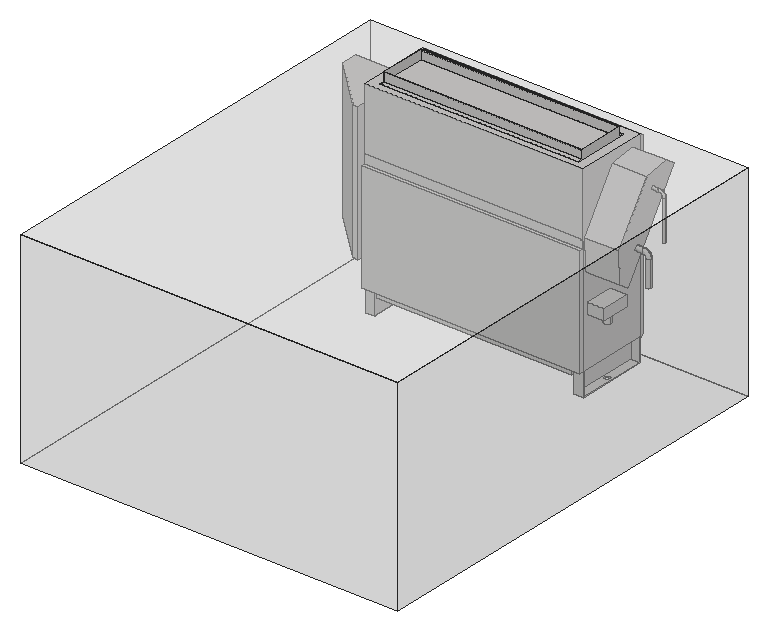
Revit family "outputfile", category 機械設備, Revit 2024
Family settings
  丸型コネクタ寸法 = 半径を使用
  パーツ タイプ = 標準
  OmniClass 番号 = 23.75.10.24.21.27.27
  OmniClass タイトル = Split System Air Conditioning Units
  作業面ベース = いいえ
  常に垂直 = はい
  ロード時にボイドで切り取り = いいえ
  注釈の向きを維持 = いいえ
  共有 = いいえ
  部屋計算ポイント = いいえ
Parameters (values of type "FXNQ20MAVE8")
  Description = ""
  製造元 = "Daikin"
  書き出し IFC クラス(タイプ) = "IfcUnitaryEquipmentType"
  定義済み IFC タイプ(タイプ) = "AIRCONDITIONINGUNIT"
  Cost = 0
  モデル = "FXNQ20MAVE8"
  Type Comments = ""
  Keynote = ""
  Type Image = (empty or 0)
  Assembly Code = ""
  w_hangerfixture = 0.0 mm
  w_dischargeflange = 564.0 mm
  w_body = 620.0 mm
  r_Liquid Pipe Size = Liquid Pipe Size / 2  # 3.2 mm
  r_Gas Pipe Size = Gas Pipe Size / 2  # 6.35 mm
  w_mounting foot = 830.0 mm
  r_Drain Pipe Size = Drain Pipe Size / 2  # 10.5 mm
  h_mountinghole = [h***] + 1.6 mm  # 1.6 mm
  lh_liquidpipe = 391.0 mm  # constant formula
  lh_gaspipe = 301.0 mm  # constant formula
  lh_drainpipe = 181.0 mm  # constant formula
  lh_antena = 583.4 mm  # constant formula
  ld_liquidpipe = 84.0 mm  # constant formula
  ld_gaspipe = 139.0 mm  # constant formula
  ld_drainpipe = 152.0 mm  # constant formula
  h*** = 0.0 mm  # constant formula
  w_front suction = 601.0 mm
  d_pipe_2 = 27.3 mm  # constant formula
  d_pipe_1 = 47.6 mm  # constant formula
  d_pipe = 71.2 mm  # constant formula
  d_body = 206.0 mm  # constant formula
  Width = 930.4 mm
  Voltage_comment_50Hz = "220-240"
  Voltage_50Hz = 220 V
  Version = "ver.1.0"
  Unit Type = "Concealed Floor Standing Type"
  Unit Mass Weight = 19.00 kg
  Unit Designation [instance] = ""
  Uniclass2015Version = "Products v1.30"
  Uniclass2015Title = "Variable refrigerant flow units"
  Uniclass2015Code = "Pr_70_65_03_94"
  URL = ""
  Total Heating Capacity [instance] = 0.000 kW
  Total Cooling Capacity [instance] = 0.000 kW
  Sound Pressure Level_M speed (dBA) = 0
  Sound Pressure Level_L speed (dBA) = 33
  Sound Pressure Level_H speed (dBA) = 36
  Sound Power Level_H speed (dB) = 0
  Series = "VRV Fan Coil Unit"
  Sensible Cooling Capacity [instance] = 0.000 kW
  SA Duct Size Width = w_dischargeflange - 2.0 mm  # 562.0 mm
  SA Duct Size Height = 130.0 mm  # constant formula
  Refrigerant Type = "R410A"
  Power Input (Heating) = 0.049 kW
  Power Input (Cooling) = 0.049 kW
  Phase_50Hz = 1
  Option Accessory 3 [instance] = ""
  Option Accessory 2 [instance] = ""
  Option Accessory 1 [instance] = ""
  Nominal Heating Capacity = 2.500 kW
  Nominal Cooling Capacity = 2.200 kW
  Minimum External Static Pressure = 0.00 Pa
  Minimum Circuit Amps_50Hz = 0.3 A
  Minimum Airflow = 360.00 m³/h
  Median Airflow = 0.00 m³/h
  Maximum Fuse Amps_50Hz = 15.0 A
  Maximum External Static Pressure = 0.00 Pa
  Maximum Airflow = 420.00 m³/h
  Material_Casing = DAIKIN_GalvanizedSteel_Casing_indoorunit
  Load Classification = HVAC
  Liquid Pipe Size = 6.4 mm
  Link_Nested Family [instance] = ""
  IfcVersion = "0"
  IfcExportType = "AIRCONDITIONINGUNIT"
  IfcExportAs = "IfcUnitaryEquipmentType"
  Height = 609.0 mm
  Heating Entering Wet Bulb Temperature [instance] = 0.00 °C
  Heating Entering Dry Bulb Temperature [instance] = 0.00 °C
  Heating Ambient Wet Bulb Temperature [instance] = 0.00 °C
  Heating Ambient Dry Bulb Temperature [instance] = 0.00 °C
  Heat Exchanger Type = "Cross Fin Coil"
  Gas Pipe Size = 12.7 mm
  Frequency_50Hz = 50 Hz
  Fan Type = "Sirocco Fan"
  Fan Drive = "Direct Drive"
  FCU Tag No. [instance] = ""
  Drain Pipe Size = 21.0 mm
  Design Supply Airflow [instance] = 0.00 m³/h
  Design External Static Pressure [instance] = 0.00 Pa
  Depth = 225.0 mm
  既定の高さ = 0.0 mm
  Cooling Entering Wet Bulb Temperature [instance] = 0.00 °C
  Cooling Entering Dry Bulb Temperature [instance] = 0.00 °C
  Cooling Ambient Wet Bulb Temperature [instance] = 0.00 °C
  Cooling Ambient Dry Bulb Temperature [instance] = 0.00 °C
  Clearance visibility [instance] = yes
  Clearance Top = 0.0 mm
  Clearance Right = 150.0 mm
  Clearance Rear = 20.0 mm
  Clearance Left = 0.0 mm
  Clearance Front = 1000.0 mm
  Clearance Bottom = 0.0 mm
Reference planes
  plane 1: y = 0
  plane 2: z = 0
  plane 3 "Center (Left/Right)": x = 0
  plane 4 "Center (Front/Back)": y = -103
  plane 5: y = -206
  plane 6: x = -310
  plane 7: x = 310
  plane 8: z = 584
  plane 9: z = 68
  plane 10 "Top": z = 609
  plane 11: z = 584
  plane 12: z = 0
  plane 13: x = -480
  plane 14: x = 594
  plane 15: y = -1218
  plane 16: y = 27
  plane 17 "Bottom": z = 0
  plane 18: x = -277
  plane 19: x = 279
  plane 20: x = -329
  plane 21 "Left": x = -480
  plane 22: z = 129
  plane 23: z = 518
  plane 24: z = 564.5
  plane 25: y = -32
  plane 26: x = 408.8
  plane 27 "ld_drainpipe": y = -152
  plane 28: z = 181
  plane 29: z = 301
  plane 30: z = 391
  plane 31: x = 337
  plane 32: x = 295
  plane 33: x = -295
  plane 34 "ld_liquidpipe": y = -84
  plane 35 "ld_gaspipe": y = -139
  plane 36: x = 444
  plane 37: z = 518.4
  plane 38: z = 388.6
  plane 39: x = 296.7
  plane 40: x = -296.7
  plane 41: x = -404.5
  plane 42: y = -42
  plane 43: y = -25.8
  plane 44 "Back": y = 7
  plane 45: y = -207
  plane 46 "Front": y = -218
  plane 47 "Right": x = 450.4
Forms (mm)
  Extrusion 1, solid, material "DAIKIN_GalvanizedSteel_Casing_indoorunit" <- "Material_Casing"
    sketch origin (0, 0, 0) x (1, 0, 0) y (0, 1, 0)
      loop
        line (-310, 0) -> (-310, -206) -> (310, -206) -> (310, 0) -> (-310, 0)
    from 68 to 584
  Extrusion 2, solid, material "DAIKIN_GalvanizedSteel_Casing_indoorunit" <- "Material_Casing"
    sketch origin (310, -206, 0) x (-1, 0, 0) y (0, 0, -1)
      loop
        line (620, -404) -> (620, -380) -> (0, -380) -> (0, -404) -> (620, -404)
    from 0 to 1
  Extrusion 3, solid, material "DAIKIN_GalvanizedSteel_Casing_indoorunit" <- "Material_Casing"
    sketch origin (310, -206, 0) x (-1, 0, 0) y (0, 0, -1)
      loop
        line (620, -380) -> (620, -68) -> (0, -68) -> (0, -380) -> (620, -380)
    from 0 to 12
  Extrusion 4, solid, material "DAIKIN_GalvanizedSteel_Casing_indoorunit" <- "Material_Casing"
    sketch origin (0, 0, 68) x (0, 1, 0) y (1, 0, 0)
      loop
        line (0, -277) -> (0, 279) -> (-206, 279) -> (-206, -277) -> (0, -277)
    from 0 to 19.6
  Extrusion 5, solid, material "DAIKIN_GalvanizedSteel_Casing_indoorunit" <- "Material_Casing"
    sketch origin (-310, -206, 0) x (0, 1, 0) y (0, 0, -1)
      loop
        circle (103, -448.5) r 12.5
      loop
        circle (103, -243.5) r 12.5
    from 0 to 19
  Extrusion 6, solid, material "DAIKIN_GalvanizedSteel_Casing_indoorunit" <- "Material_Casing"
    sketch origin (0, 0, 68) x (-1, 0, 0) y (0, -1, 0)
      loop
        line (480, 25.8) -> (480, 71.25) -> (345.25, 206) -> (329, 206) -> (329, 25.8) -> (480, 25.8)
    from 61 to 450
  Extrusion 7, solid, material "DAIKIN_GalvanizedSteel_Casing_indoorunit" <- "Material_Casing"
    sketch origin (310, 0, 0) x (0, -1, 0) y (0, 0, -1)
      loop
        line (5.208, -545.14) -> (32, -564.5) -> (104, -554.5) -> (202.913, -407.529) -> (197.289, -319.3) -> (168.604, -299.952) -> (5.208, -545.14)
    from 0 to 98.8
  Extrusion 8, solid, material "DAIKIN_GalvanizedSteel_Casing_indoorunit" <- "Material_Casing"
    sketch origin (310, 0, 0) x (0, -1, 0) y (0, 0, -1)
      loop
        line (192.5, -240) -> (192.5, -210) -> (111.5, -210) -> (111.5, -240) -> (192.5, -240)
    from 0 to 50
  Extrusion 9, solid, material "DAIKIN_GalvanizedSteel_Casing_indoorunit" <- "Material_Casing"
    sketch origin (310, -111.5, 210) x (-1, 0, 0) y (0, 1, 0)
      loop
        circle (-27, -40.5) r 10.5
    from 0 to 29
  Sweep 10, solid, material "DAIKIN_GalvanizedSteel_Casing_indoorunit" <- "Material_Casing"
    path origin (0, -84, 0) x (0, 0, 1) y (1, 0, 0)
      loop
        line (518.4, 408.8) -> (518.4, 431)
        arc (518.4, 431) -> (514.592, 440.192) -> (505.4, 444) r 13
        line (505.4, 444) -> (391, 444)
    profile origin (419.9, -84, 518.4) x (0, 0, -1) y (0, 1, 0)
      loop
        circle (0, 0) r 3.2
  Sweep 11, solid, material "DAIKIN_GalvanizedSteel_Casing_indoorunit" <- "Material_Casing"
    path origin (0, -139, 0) x (0, 0, 1) y (1, 0, 0)
      loop
        line (388.6, 408.8) -> (388.6, 431)
        arc (388.6, 431) -> (384.792, 440.192) -> (375.6, 444) r 13
        line (375.6, 444) -> (301, 444)
    profile origin (419.9, -139, 388.6) x (0, 0, -1) y (0, 1, 0)
      loop
        circle (0, 0) r 6.35
  Extrusion 12, void
    sketch origin (4267.2, 7, -304.8) x (0, 0, 1) y (1, 0, 0)
      loop
        line (552.8, -4568.2) -> (552.8, -4556.2) -> (522.8, -4556.2) -> (522.8, -4568.2) -> (552.8, -4568.2)
      loop
        line (552.8, -3978.2) -> (552.8, -3966.2) -> (522.8, -3966.2) -> (522.8, -3978.2) -> (552.8, -3978.2)
    from 0 to -5
  Extrusion 13, void
    sketch origin (4267.2, 7, -304.8) x (0, 0, 1) y (1, 0, 0)
      loop
        line (744.8, -4568.2) -> (744.8, -4556.2) -> (714.8, -4556.2) -> (714.8, -4568.2) -> (744.8, -4568.2)
      loop
        line (744.8, -3978.2) -> (744.8, -3966.2) -> (714.8, -3966.2) -> (714.8, -3978.2) -> (744.8, -3978.2)
    from 0 to -5
  Extrusion 14, solid, material "DAIKIN_GalvanizedSteel_Casing_indoorunit" <- "Material_Casing"
    sketch origin (0, 0, 0) x (0, 1, 0) y (0, 0, 1)
      loop
        line (0, 584) -> (0, 62.5) -> (7, 70.007) -> (7, 576.493) -> (0, 584)
    from -310 to 310
Cuts and joins
  Extrusion 12, Extrusion 13 cuts Extrusion 1
  Extrusion 12 cuts Extrusion 3
  Extrusion 12, Extrusion 13 cuts Extrusion 14
Dimensions and locks
  "d_body": plane 1 to plane 5
  equal spacing: plane 5, plane 4 "Center (Front/Back)", plane 1
  "w_body": plane 6 to plane 7
  equal spacing: plane 6, plane 3 "Center (Left/Right)", plane 7
  "Clearance Top": plane 11 to plane 8
  locked: plane 10 "Top" to plane 8 at 25
  "h***": plane 17 "Bottom" to plane 2
  "Height": plane 10 "Top" to plane 17 "Bottom"
  locked: plane 8 to plane 9 at 516
  "Clearance Bottom": plane 17 "Bottom" to plane 12
  locked: Extrusion 2 sketch curve to Extrusion 2 sketch curve at 24
  locked: Extrusion 2 sketch curve to plane 9 at 312
  locked: plane 6 to plane 18 at 33
  locked: plane 19 to plane 7 at 31
  plane 18 to plane 19 = 556.0 mm
  locked: Extrusion 5 sketch curve to plane 9 at 175.5
  locked: Extrusion 5 sketch curve to Extrusion 5 sketch curve at 205
  locked: plane 6 to plane 20 at 19
  plane 23 to plane 22 to plane 17 "Bottom" = 389.0 mm locked, 129.0 mm locked
  locked: plane 21 "Left" to plane 6 at 170
  locked: plane 10 "Top" to plane 24 at 44.5
  locked: plane 5 to plane 25 at 174
  locked: plane 7 to plane 26 at 98.8
  locked: Extrusion 8 sketch curve to Extrusion 8 sketch curve at 30
  locked: Extrusion 8 sketch curve to Extrusion 8 sketch curve at 81
  locked: Extrusion 8 sketch curve to plane 17 "Bottom" at 240
  locked: plane 27 "ld_drainpipe" to Extrusion 8 sketch curve at 40.5
  "lh_drainpipe": plane 28 to plane 17 "Bottom"
  "lh_gaspipe": plane 29 to plane 17 "Bottom"
  "lh_liquidpipe": plane 30 to plane 17 "Bottom"
  locked: plane 33 to plane 6 at 15
  locked: plane 7 to plane 32 at 15
  locked: plane 31 to plane 32 at 42
  locked: plane 36 to plane 7 at 134
  locked: plane 10 "Top" to plane 37 at 90.6
  locked: plane 10 "Top" to plane 38 at 220.4
  locked: plane 6 to plane 40 at 13.3
  locked: plane 39 to plane 7 at 13.3
  equal spacing: plane 32, plane 3 "Center (Left/Right)", plane 33
  plane 32 to plane 33 = 590.0 mm
  locked: Extrusion 12 sketch curve to Extrusion 12 sketch curve at 30  (x2)
  locked: Extrusion 12 sketch curve to Extrusion 12 sketch curve at 12  (x2)
  locked: Extrusion 12 sketch curve to plane 33 at 6
  locked: Extrusion 12 sketch curve to plane 17 "Bottom" at 218  (x2)
  locked: plane 32 to Extrusion 12 sketch curve at 6
  locked: Extrusion 13 sketch curve to Extrusion 13 sketch curve at 12  (x2)
  locked: Extrusion 13 sketch curve to Extrusion 13 sketch curve at 30  (x2)
  locked: Extrusion 13 sketch curve to plane 33 at 6
  locked: plane 32 to Extrusion 13 sketch curve at 6
  locked: Extrusion 13 sketch curve to plane 17 "Bottom" at 410  (x2)
  locked: plane 21 "Left" to plane 41 at 75.5
  locked: plane 42 to plane 1 at 42
  locked: plane 43 to plane 5 at 180.2
  locked: Extrusion 6 sketch curve to plane 20 at 16.25
  locked: plane 43 to Extrusion 6 sketch curve at 45.45
  locked: plane 1 to plane 44 "Back" at 7
  "ld_liquidpipe": plane 34 "ld_liquidpipe" to plane 1
  "ld_gaspipe": plane 35 "ld_gaspipe" to plane 1
  "ld_drainpipe": plane 27 "ld_drainpipe" to plane 1
  locked: plane 5 to plane 45 at 1
  plane 5 to plane 46 "Front" = 12.0 mm
  locked: plane 9 to Extrusion 14 sketch curve at 5.5
  "Width": plane 21 "Left" to plane 47 "Right"
  "Depth": plane 46 "Front" to plane 44 "Back"
  "Clearance Left": plane 21 "Left" to plane 13
  "Clearance Right": plane 36 to plane 14
  "Clearance Rear": plane 44 "Back" to plane 16
  "Clearance Front": plane 46 "Front" to plane 15
  "Drain Pipe Size": diameter of Extrusion 9 sketch curve
  "Gas Pipe Size": diameter of Sweep 11 sketch curve
  locked: Extrusion 6 sketch curve to Extrusion 6 sketch curve (angle 45.00°)
  locked: Extrusion 14 sketch curve to cut or joined group of Extrusion 1, Extrusion 12, Extrusion 13 (angle 43.00°)
  locked: cut or joined group of Extrusion 1, Extrusion 12, Extrusion 13 to Extrusion 14 sketch curve (angle 43.00°)
  aligned and locked: level to plane 2
  aligned and locked: plane 1 to Extrusion 1 sketch curve
  aligned and locked: plane 6 to Extrusion 1 sketch curve
  aligned and locked: plane 5 to Extrusion 1 sketch curve
  aligned and locked: Extrusion 1 sketch curve to plane 7
  aligned and locked: plane 8 to Extrusion 1
  aligned and locked: Extrusion 1 to plane 9
  aligned and locked: nested 1 to plane 4 "Center (Front/Back)"
  aligned and locked: plane 4 "Center (Front/Back)" to nested 2
  aligned and locked: plane 8 to nested 3
  aligned and locked: nested 3 to plane 10 "Top"
  aligned and locked: plane 3 "Center (Left/Right)" to nested 3
  aligned and locked: nested 4 to plane 16
  aligned and locked: nested 4 to plane 15
  aligned and locked: plane 11 to nested 4
  aligned and locked: plane 12 to nested 4
  aligned and locked: plane 13 to nested 4
  aligned and locked: plane 14 to nested 4
  aligned and locked: nested 5 to plane 4 "Center (Front/Back)"
  aligned and locked: nested 6 to plane 4 "Center (Front/Back)"
  aligned and locked: nested 2 to plane 6
  aligned and locked: nested 1 to plane 7
  aligned and locked: plane 6 to Extrusion 2 sketch curve
  aligned and locked: Extrusion 2 sketch curve to plane 7
  aligned and locked: plane 6 to Extrusion 3 sketch curve
  aligned and locked: Extrusion 3 sketch curve to plane 7
  aligned and locked: Extrusion 3 sketch curve to Extrusion 2
  aligned and locked: plane 9 to Extrusion 3 sketch curve
  aligned and locked: plane 1 to Extrusion 4 sketch curve
  aligned and locked: plane 5 to Extrusion 4 sketch curve
  aligned and locked: plane 18 to Extrusion 4 sketch curve
  aligned and locked: Extrusion 4 sketch curve to plane 19
  aligned and locked: plane 4 "Center (Front/Back)" to Extrusion 5 sketch curve  (x2)
  aligned and locked: Extrusion 5 to plane 20
  aligned and locked: plane 21 "Left" to Extrusion 6 sketch curve
  aligned and locked: Extrusion 6 sketch curve to plane 20
  aligned and locked: plane 23 to Extrusion 6
  aligned and locked: Extrusion 6 to plane 22
  aligned and locked: plane 26 to Extrusion 7
  aligned and locked: plane 25 to Extrusion 7 sketch curve
  aligned and locked: plane 24 to Extrusion 7 sketch curve
  aligned and locked: plane 31 to Extrusion 9 sketch curve
  aligned and locked: plane 27 "ld_drainpipe" to Extrusion 9 sketch curve
  aligned and locked: Extrusion 9 to plane 28
  aligned and locked: plane 36 to Sweep 10 sketch curve
  aligned and locked: Sweep 10 sketch curve to plane 37
  aligned and locked: plane 30 to Sweep 10 sketch curve
  aligned and locked: plane 26 to Sweep 10 sketch curve
  aligned and locked: plane 29 to Sweep 11 sketch curve
  aligned and locked: plane 26 to Sweep 11 sketch curve
  aligned and locked: Sweep 11 sketch curve to plane 38
  aligned and locked: plane 36 to Sweep 11 sketch curve
  aligned and locked: nested 5 to plane 39
  aligned and locked: plane 40 to nested 6
  aligned and locked: nested 7 to plane 28
  aligned and locked: plane 9 to nested 1
  aligned and locked: nested 2 to plane 9
  aligned and locked: plane 31 to nested 7
  aligned and locked: nested 8 to plane 29
  aligned and locked: nested 8 to plane 36
  aligned and locked: nested 9 to plane 30
  aligned and locked: nested 9 to plane 36
  aligned and locked: nested 10 to plane 22
  aligned and locked: nested 10 to plane 41
  aligned and locked: plane 4 "Center (Front/Back)" to nested 10
  aligned and locked: nested 3 to plane 42
  aligned and locked: Extrusion 6 sketch curve to plane 43
  aligned and locked: Extrusion 6 sketch curve to plane 5
  aligned and locked: plane 11 to Extrusion 14 sketch curve
  aligned and locked: Extrusion 14 to plane 6
  aligned and locked: plane 7 to Extrusion 14
  aligned and locked: nested 9 to plane 34 "ld_liquidpipe"
  aligned and locked: nested 8 to plane 35 "ld_gaspipe"
  aligned and locked: nested 7 to plane 27 "ld_drainpipe"
  aligned and locked: Extrusion 2 to plane 45
  aligned and locked: cut or joined group of Extrusion 3, Extrusion 12 to plane 46 "Front"
  aligned and locked: Extrusion 14 sketch curve to plane 44 "Back"
Automatic sketch dimensions
  Extrusion 1 sketch curve to plane 5 = 0.0 mm
  Extrusion 1 to Extrusion 7 sketch curve = 5.208 mm
  Extrusion 1 to Extrusion 7 sketch curve = 29.5 mm
  Extrusion 7 sketch curve to Extrusion 7 sketch curve = 72.0 mm
  Extrusion 1 to Extrusion 7 sketch curve = 37.396 mm
  Extrusion 1 to Extrusion 7 sketch curve = 8.711 mm
  Extrusion 1 to Extrusion 7 sketch curve = 3.087 mm
  Extrusion 7 sketch curve to Extrusion 7 sketch curve = 19.36 mm
  Extrusion 1 to Extrusion 7 sketch curve = 176.471 mm
  Extrusion 7 sketch curve to Extrusion 7 sketch curve = 88.229 mm
  Extrusion 7 sketch curve to Extrusion 7 sketch curve = 19.348 mm
  Sweep 10 sketch curve to profile plane = 0.0 mm  (x2)
  Sweep 10 sketch curve to plane 23 = 12.6 mm
  Sweep 11 sketch curve to plane 38 = 13.0 mm
  Extrusion 14 sketch curve to plane 1 = 0.0 mm
  Sweep 11 sketch curve to plane 35 "ld_gaspipe" = 0.0 mm
  Sweep 11 sketch curve to profile plane = 0.0 mm
  radius of Extrusion 5 sketch curve = 12.5 mm  (x2)
  radius of Sweep 10 sketch curve = 3.2 mm
Nested families
  nested 1: "daikin_hangerfixture_FXNQ-MAVE8" at (310, -103, 68) x (0, -1, 0) z (0, 0, 1), type "daikin_hangerfixture_FXNQ-MAVE8"
  nested 2: "daikin_hangerfixture_FXNQ-MAVE8" at (-310, -103, 68) x (0, -1, 0) z (0, 0, 1), type "daikin_hangerfixture_FXNQ-MAVE8"
  nested 3: "daikin_ductflange_FXNQ-MAVE8" at (0, -186.5, 584) x (1, 0, 0) z (0, 1, 0), width <- "w_dischargeflange", material <- "Material_Casing", type "daikin_ductflange_FXNQ-MAVE8"
    with width 564.0 mm, material DAIKIN_GalvanizedSteel_Casing_indoorunit, height 157.0 mm, depth 25.0 mm
  nested 4: "daikin_clearancespace" at (57, -595.5, 292.119), visible <- "Clearance visibility", show <- "Clearance visibility", Link_Nested Family <- "Link_Nested Family", type "daikin_clearancespace"
    with width 1074.0 mm, show yes, height 584.0 mm, depth 1245.0 mm, Link_Nested Family ""
  nested 5: "daikin_mountinghole" at (296.7, -103, 0), Link_Nested Family <- "Link_Nested Family", h_mountinghole <- "h_mountinghole", l_antenna <- "lh_antena", type "daikin_mountinghole"
    with show yes, l_antenna 583.4 mm, h_mountinghole 1.6 mm, Link_Nested Family ""
  nested 6: "daikin_mountinghole" at (-296.7, -103, 0), Link_Nested Family <- "Link_Nested Family", h_mountinghole <- "h_mountinghole", l_antenna <- "lh_antena", type "daikin_mountinghole"
    with show yes, l_antenna 583.4 mm, h_mountinghole 1.6 mm, Link_Nested Family ""
  nested 7: "daikin_connector_rotate2" at (337, -152, 210) x (1, 0, 0) z (0, -1, 0), radius <- "r_Drain Pipe Size", type "daikin_connector_rotate2"
    with radius 10.5 mm, length 29.0 mm, angle_vertical 90.00°, show_face no
  nested 8: "daikin_connector_rotate2" at (444, -139, 381) x (1, 0, 0) z (0, -1, 0), radius <- "r_Gas Pipe Size", type "daikin_connector_rotate2"
    with radius 6.35 mm, length 80.0 mm, angle_vertical 90.00°, show_face no
  nested 9: "daikin_connector_rotate2" at (444, -84, 491) x (1, 0, 0) z (0, -1, 0), radius <- "r_Liquid Pipe Size", type "daikin_connector_rotate2"
    with radius 3.2 mm, length 100.0 mm, angle_vertical 90.00°, show_face no
  nested 10: "daikin_connector_rotate2" at (-404.5, -103, 229) x (1, 0, 0) z (0, -1, 0), type "daikin_connector_rotate2"
    with radius 10.0 mm, length 100.0 mm, angle_vertical 90.00°, show_face no
Connectors
  hvac at (0, -108, 609), driven by "SA Duct Size Height", driven by "SA Duct Size Width"
    settings: on nested 3, index 1, duct flow 0.00 m³/h, flow factor 0, pres drop 0.00 Pa, loss coef 0, conn angle 0.00°, conn width 562.0 mm, conn height 130.0 mm, conn diameter 609.6 mm, duct sys type 1, conn prof type 1, flow config 0, flow direction 2, loss method 4, conn ref index -1, conn util no, is conn primary yes, conn desc "SA Duct"
  electrical at (-404.5, -103, 129), driven by "Load Classification"
    settings: on nested 10, index 5, voltage 0 V, apparent load 0 VA, apparent load phase1 0 VA, apparent load phase2 0 VA, apparent load phase3 0 VA, power factor 1, load classification "HVAC", number of poles 1, system type 30, power factor state 1, is connector primary yes, connector utility no, sub classification motor no, connector description "Power Supply"
  piping at (444, -84, 391), diameter 6.4, driven by "r_Liquid Pipe Size"
    settings: on Sweep 10, index 6, connector inside diameter 609.6 mm, connector length 0.0 mm, flow factor 0, pipe flow 0.00 m³/h, pressure drop 0.0 Pa, fitting loss kfactor 0, connector angle 0.00°, fixture units 0, engagement length 0.0 mm, angle of deflection 0.00°, flow configuration 1, flow direction 1, fitting loss method 0, system type 29, joint type 0, gender type 0, connector reference index -1, connector utility 0, adjustable connector no, is connector primary yes, connector description "Refrigerant Liquid Piping"
  piping at (444, -139, 301), diameter 12.7, driven by "r_Gas Pipe Size"
    settings: on Sweep 11, index 7, connector inside diameter 609.6 mm, connector length 0.0 mm, flow factor 0, pipe flow 0.00 m³/h, pressure drop 0.0 Pa, fitting loss kfactor 0, connector angle 0.00°, fixture units 0, engagement length 0.0 mm, angle of deflection 0.00°, flow configuration 1, flow direction 2, fitting loss method 0, system type 29, joint type 0, gender type 0, connector reference index -1, connector utility 0, adjustable connector no, is connector primary no, connector description "Refrigerant Gas Piping"
  piping at (337, -152, 181), diameter 21, driven by "r_Drain Pipe Size"
    settings: on Extrusion 9, index 8, connector inside diameter 609.6 mm, connector length 0.0 mm, flow factor 0, pipe flow 0.00 m³/h, pressure drop 0.0 Pa, fitting loss kfactor 0, connector angle 0.00°, fixture units 0, engagement length 0.0 mm, angle of deflection 0.00°, flow configuration 1, flow direction 2, fitting loss method 4, system type 16, joint type 0, gender type 0, connector reference index -1, connector utility 0, adjustable connector no, is connector primary no, connector description "Condensate Drain Piping"
Definition of nested family "daikin_hangerfixture_FXNQ-MAVE8"
  Parameters (values of type "daikin_hangerfixture_FXNQ-A2VEB")
    width = 202.0 mm
    material = none
    height = 68.0 mm
    depth = 28.2 mm
    Default Elevation = 0.0 mm
  Reference planes
    plane 1 "Center (Front/Back)": y = 0
    plane 2: z = 0
    plane 3 "Center (Left/Right)": x = 0
    plane 4: y = -28.2
    plane 5: x = -101
    plane 6: x = 101
    plane 7: z = -68
    plane 8: x = 99.4
    plane 9: x = -99.4
  Forms (mm)
    Extrusion 1, solid, material <- "material"
      sketch origin (0, 0, 0) x (0, 1, 0) y (0, 0, 1)
        loop
          line (-26.6, 0) -> (-28.2, 0) -> (-28.2, -66.4)
          arc (-28.2, -66.4) -> (-27.731, -67.531) -> (-26.6, -68) r 1.6
          line (-26.6, -68) -> (0, -68) -> (0, -66.4) -> (-26.6, -66.4) -> (-26.6, 0)
      from -101 to 101
    Extrusion 2, solid, material <- "material"
      sketch origin (0, 0, 0) x (0, 1, 0) y (0, 0, 1)
        loop
          line (-26.6, -66.4) -> (0, -66.4) -> (0, 0) -> (-26.6, 0) -> (-26.6, -66.4)
      from 99.4 to 101
    Extrusion 3, solid, material <- "material"
      sketch origin (-265, -1.4, 0) x (0, 1, 0) y (0, 0, 1)
        loop
          line (-25.2, -66.4) -> (1.4, -66.4) -> (1.4, 0) -> (-25.2, 0) -> (-25.2, -66.4)
      from 164 to 165.6
    Extrusion 4, void
      sketch origin (0, 0, -66.4) x (1, 0, 0) y (0, -1, 0)
        loop
          circle (0, 13.3) r 7.5
      from -24.55 to 101.68
  Cuts and joins
    Extrusion 4 cuts Extrusion 1
    Extrusion 4 cuts Extrusion 2
    Extrusion 4 cuts Extrusion 3
    joined: Extrusion 1, Extrusion 2, Extrusion 3
  Dimensions and locks
    "width": plane 5 to plane 6
    "depth": plane 4 to plane 1 "Center (Front/Back)"
    equal spacing: plane 5, plane 3 "Center (Left/Right)", plane 6
    "height": level to plane 7
    locked: plane 8 to plane 6 at 1.6
    locked: plane 5 to plane 9 at 1.6
    plane 4 to Extrusion 1 sketch curve = 1.6 mm
    locked: Extrusion 4 sketch curve to plane 1 "Center (Front/Back)" at 13.3
    diameter of Extrusion 4 sketch curve = 15.0 mm
    aligned and locked: level to plane 2
    aligned and locked: Extrusion 1 to plane 5
    aligned and locked: plane 6 to Extrusion 1
    aligned and locked: Extrusion 1 to plane 1 "Center (Front/Back)"
    aligned and locked: plane 6 to Extrusion 2
    aligned and locked: Extrusion 2 to plane 8
    aligned and locked: Extrusion 3 to plane 5
    aligned and locked: plane 9 to Extrusion 3
    aligned and locked: plane 1 "Center (Front/Back)" to Extrusion 3 sketch curve
    aligned and locked: plane 1 "Center (Front/Back)" to Extrusion 2 sketch curve
    aligned and locked: Extrusion 1 sketch curve to plane 4
    aligned and locked: Extrusion 3 sketch curve to Extrusion 1
    aligned and locked: Extrusion 3 sketch curve to plane 2
    aligned and locked: Extrusion 2 sketch curve to Extrusion 1
    aligned and locked: plane 2 to Extrusion 2 sketch curve
    aligned and locked: plane 3 "Center (Left/Right)" to Extrusion 4 sketch curve
  Automatic sketch dimensions
    Extrusion 1 sketch curve to level = 0.0 mm
    Extrusion 1 sketch curve to plane 7 = 0.0 mm
    Extrusion 1 sketch curve to plane 1 "Center (Front/Back)" = 0.0 mm
    Extrusion 1 sketch curve to Extrusion 1 sketch curve = 0.0 mm  (x2)
    plane 7 to Extrusion 3 sketch curve = 1.6 mm
    plane 7 to Extrusion 2 sketch curve = 1.6 mm
Definition of nested family "daikin_ductflange_FXNQ-MAVE8"
  Parameters (values of type "daikin_ductflange_FXNQ-MAVE8")
    width [instance] = 662.0 mm
    material [instance] = none
    height [instance] = 157.0 mm
    depth [instance] = 25.0 mm
    Default Elevation = 0.0 mm
  Reference planes
    plane 1 "Center (Front/Back)": y = 0
    plane 2: z = 0
    plane 3 "Center (Left/Right)": x = 0
    plane 4: y = -25
    plane 5: x = -331
    plane 6: x = 331
    plane 7 "Top": z = 157
    plane 8: y = -1
    plane 9: z = 143.5
    plane 10: z = 13.5
    plane 11 "Center (Elevation)": z = 78.5
    plane 12: x = -330
    plane 13: x = 330
  Forms (mm)
    Extrusion 1, solid, material <- "material"
      sketch origin (0, 0, 0) x (1, 0, 0) y (0, 0, 1)
        loop
          line (-331, 157) -> (-331, 0) -> (331, 0) -> (331, 157) -> (-331, 157)
        loop
          line (-330, 143.5) -> (-330, 13.5) -> (330, 13.5) -> (330, 143.5) -> (-330, 143.5)
      from 0 to 1
    Extrusion 2, solid, material <- "material"
      sketch origin (0, 0, 0) x (1, 0, 0) y (0, 1, 0)
        loop
          line (-331, -1) -> (-331, -25) -> (-330, -25) -> (-330, -1) -> (-331, -1)
        loop
          line (330, -1) -> (330, -25) -> (331, -25) -> (331, -1) -> (330, -1)
      from 13.5 to 143.5
    Extrusion 3, solid, material <- "material"
      sketch origin (0, 0, 0) x (0, 1, 0) y (0, 0, 1)
        loop
          line (-1, 143.5) -> (-1, 144.5) -> (-25, 144.5) -> (-25, 143.5) -> (-1, 143.5)
        loop
          line (-1, 13.5) -> (-25, 13.5) -> (-25, 12.5) -> (-1, 12.5) -> (-1, 13.5)
      from -331 to 331
  Cuts and joins
    joined: Extrusion 1, Extrusion 2, Extrusion 3
  Dimensions and locks
    "height": plane 7 "Top" to plane 2
    "width": plane 5 to plane 6
    equal spacing: plane 5, plane 3 "Center (Left/Right)", plane 6
    "depth": plane 1 "Center (Front/Back)" to plane 4
    locked: plane 8 to plane 1 "Center (Front/Back)" at 1
    equal spacing: plane 7 "Top", plane 11 "Center (Elevation)", plane 2
    locked: Extrusion 3 sketch curve to Extrusion 2 at 1  (x2)
    locked: plane 12 to plane 5 at 1
    locked: plane 6 to plane 13 at 1
    plane 9 to plane 11 "Center (Elevation)" to plane 10 = 65.0 mm locked, 65.0 mm locked
    aligned and locked: level to plane 2
    aligned and locked: Extrusion 1 sketch curve to plane 7 "Top"
    aligned and locked: plane 5 to Extrusion 1 sketch curve
    aligned and locked: Extrusion 1 sketch curve to plane 6
    aligned and locked: plane 2 to Extrusion 1 sketch curve
    aligned and locked: Extrusion 1 to plane 8
    aligned and locked: plane 9 to Extrusion 2
    aligned and locked: Extrusion 2 to plane 10
    aligned and locked: plane 8 to Extrusion 3 sketch curve
    aligned and locked: Extrusion 3 sketch curve to plane 9
    aligned and locked: Extrusion 3 sketch curve to plane 8
    aligned and locked: Extrusion 3 sketch curve to plane 10
    aligned and locked: Extrusion 3 to plane 5
    aligned and locked: plane 6 to Extrusion 3
    aligned and locked: plane 4 to Extrusion 3 sketch curve
    aligned and locked: Extrusion 3 sketch curve to plane 4
    aligned and locked: plane 5 to Extrusion 2 sketch curve
    aligned and locked: Extrusion 2 sketch curve to plane 12
    aligned and locked: Extrusion 2 sketch curve to plane 6
    aligned and locked: plane 13 to Extrusion 2 sketch curve
    aligned and locked: Extrusion 2 sketch curve to plane 8
    aligned and locked: plane 4 to Extrusion 2 sketch curve
    aligned and locked: plane 12 to Extrusion 1 sketch curve
    aligned and locked: Extrusion 1 sketch curve to plane 13
    aligned and locked: Extrusion 1 sketch curve to plane 9
    aligned and locked: plane 10 to Extrusion 1 sketch curve
  Automatic sketch dimensions
    Extrusion 2 sketch curve to plane 4 = 0.0 mm
    Extrusion 2 sketch curve to plane 8 = 0.0 mm
Definition of nested family "daikin_clearancespace"
  Parameters (values of type "daikin_clearancespace")
    width [instance] = 1823.963 mm
    show [instance] = yes
    material = none
    height [instance] = 1359.762 mm
    depth [instance] = 880.0 mm
    Default Elevation = 0.0 mm
    Link_Nested Family [instance] = ""
  Reference planes
    plane 1 "Center (Front/Back)": y = 0
    plane 2 "Center (Elevation)": z = -0.119
    plane 3 "Center (Left/Right)": x = 0
    plane 4: y = 440
    plane 5: y = -440
    plane 6 "Right": x = 911.982
    plane 7 "Left": x = -911.982
    plane 8 "Top": z = 679.762
    plane 9 "Bottom": z = -680
  Forms (mm)
    Extrusion 1, solid, material <- "material", visible <- "show"
      sketch origin (0, 0, 0) x (1, 0, 0) y (0, 1, 0)
        loop
          line (-911.982, 440) -> (-911.982, -440) -> (911.982, -440) -> (911.982, 440) -> (-911.982, 440)
      from -680 to 679.762
  Lines and regions (mm)
    symbolic lines, visible <- "show"
      curve 1: line (911.982, 440, 0) -> (-911.982, 440, 0)
      curve 2: line (-911.982, 440, 0) -> (-911.982, -440, 0)
      curve 3: line (-911.982, -440, 0) -> (911.982, -440, 0)
      curve 4: line (911.982, -440, 0) -> (911.982, 440, 0)
      curve 5: line (911.982, 0, 679.762) -> (-911.982, 0, 679.762)
      curve 6: line (911.982, 0, -680) -> (911.982, 0, 679.762)
      curve 7: line (-911.982, 0, -680) -> (911.982, 0, -680)
      curve 8: line (-911.982, 0, 679.762) -> (-911.982, 0, -680)
      curve 9: line (0, 440, 679.762) -> (0, -440, 679.762)
      curve 10: line (0, -440, 679.762) -> (0, -440, -680)
      curve 11: line (0, 440, -680) -> (0, 440, 679.762)
      curve 12: line (0, -440, -680) -> (0, 440, -680)
  Dimensions and locks
    "width": plane 7 "Left" to plane 6 "Right"
    "depth": plane 4 to plane 5
    "height": plane 8 "Top" to plane 9 "Bottom"
    equal spacing: plane 7 "Left", plane 3 "Center (Left/Right)", plane 6 "Right"
    equal spacing: plane 4, plane 1 "Center (Front/Back)", plane 5
    equal spacing: plane 8 "Top", plane 2 "Center (Elevation)", plane 9 "Bottom"
    aligned and locked: level to plane 2 "Center (Elevation)"
    aligned and locked: Extrusion 1 sketch curve to plane 4
    aligned and locked: plane 7 "Left" to Extrusion 1 sketch curve
    aligned and locked: Extrusion 1 sketch curve to plane 5
    aligned and locked: Extrusion 1 sketch curve to plane 6 "Right"
    aligned and locked: plane 8 "Top" to Extrusion 1
    aligned and locked: curve 1 to Extrusion 1
    aligned and locked: curve 2 to Extrusion 1
    aligned and locked: curve 3 to Extrusion 1
    aligned and locked: curve 4 to Extrusion 1
    aligned and locked: curve 5 to Extrusion 1
    aligned and locked: curve 6 to Extrusion 1
    aligned and locked: curve 7 to Extrusion 1
    aligned and locked: curve 8 to Extrusion 1
    aligned and locked: curve 9 to Extrusion 1
    aligned and locked: curve 10 to Extrusion 1
    aligned and locked: curve 11 to Extrusion 1
    aligned and locked: curve 12 to Extrusion 1
    aligned and locked: Extrusion 1 to plane 9 "Bottom"
Definition of nested family "daikin_mountinghole"
  Parameters (values of type "daikin_mountinghole")
    Default Elevation = 1219.2 mm
    Type Comments = "mountinghole"
    show [instance] = yes
    material = none
    l_centerline = 100.0 mm
    l_antenna [instance] = 100.0 mm
    h_mountinghole [instance] = 0.0 mm
    d_circle = 30.0 mm
    Link_Nested Family [instance] = ""
  Reference planes
    plane 1 "Center (Front/Back)": y = 0
    plane 2: z = 0
    plane 3 "Center (Left/Right)": x = 0
    plane 4: y = 50
    plane 5: x = -50
    plane 6: x = 50
    plane 7: y = -50
    plane 8 "h_mountinghole": z = 0
    plane 9: z = 100
  Lines and regions (mm)
    model lines, detail levels fine
      curve 1: circle (0, 0, 0) r 15 normal (0, 0, 1)
      curve 2: line (-50, 0, 0) -> (50, 0, 0)
      curve 3: line (0, 50, 0) -> (0, -50, 0)
    symbolic lines, detail levels fine
      curve 4: circle (0, 0, 0) r 15 normal (0, 0, 1)
      curve 5: line (-50, 0, 0) -> (50, 0, 0)
      curve 6: line (0, 50, 0) -> (0, -50, 0)
    model lines
      curve 7: line (0, 0, 100) -> (0, 0, 0)
  Dimensions and locks
    equal spacing: plane 4, plane 1 "Center (Front/Back)", plane 7
    "l_centerline": plane 4 to plane 7
    equal spacing: plane 5, plane 3 "Center (Left/Right)", plane 6
    "l_centerline": plane 5 to plane 6
    "l_antenna": plane 9 to plane 8 "h_mountinghole"
    "h_mountinghole": plane 8 "h_mountinghole" to plane 2
    "d_circle": diameter of curve 1
    "d_circle": diameter of curve 4
    aligned and locked: level to plane 2
    aligned and locked: plane 1 "Center (Front/Back)" to curve 1
    aligned and locked: plane 3 "Center (Left/Right)" to curve 1
    aligned and locked: plane 1 "Center (Front/Back)" to curve 2
    aligned and locked: curve 3 to plane 3 "Center (Left/Right)"
    aligned and locked: plane 6 to curve 2
    aligned and locked: plane 5 to curve 2
    aligned and locked: plane 4 to curve 3
    aligned and locked: plane 7 to curve 3
    aligned and locked: plane 1 "Center (Front/Back)" to curve 4
    aligned and locked: plane 3 "Center (Left/Right)" to curve 4
    aligned and locked: plane 6 to curve 5
    aligned and locked: plane 5 to curve 5
    aligned and locked: plane 1 "Center (Front/Back)" to curve 5
    aligned and locked: plane 4 to curve 6
    aligned and locked: plane 7 to curve 6
    aligned and locked: curve 6 to plane 3 "Center (Left/Right)"
    aligned and locked: curve 7 to plane 3 "Center (Left/Right)"
    aligned and locked: plane 9 to curve 7
    aligned and locked: plane 8 "h_mountinghole" to curve 7
Definition of nested family "daikin_connector_rotate2"
  Parameters (values of type "daikin_connector_rotate2")
    show_face = yes
    radius [instance] = 10.0 mm
    length [instance] = 600.0 mm
    d_surface = 10.0 mm
    angle_vertical [instance] = 90.00°
    Default Elevation = 0.0 mm
  Reference planes
    plane 1 "Center (Front/Back)": y = 0
    plane 2: z = 0
    plane 3 "Center (Left/Right)": x = 0
  Forms (mm)
    Extrusion 1, solid, visible <- "show_face"
      sketch origin (0, -600, 0) x (1, 0, 0) y (0, 0, 1)
        loop
          circle (0, 0) r 10
      from 0 to -10
  Lines and regions (mm)
    reference lines
      curve 1: line (0, 0, 0) -> (0, -600, 0)
    symbolic lines
      curve 2: circle (0, 0, 0) r 5 normal (0, 0, 1)
    model lines, visible <- "show_face"
      curve 3: line (0, 0, 0) -> (0, -600, 0)
  Dimensions and locks
    "length": curve 1 to curve 1
    "length": curve 3 to curve 3
    "d_surface": Extrusion 1 to Extrusion 1
    "radius": radius of Extrusion 1 sketch curve
    "angle_vertical": angle curve 1 to plane 1 "Center (Front/Back)"
    "angle_vertical": angle curve 3 to plane 1 "Center (Front/Back)"
    aligned and locked: level to plane 2
    aligned and locked: plane 1 "Center (Front/Back)" to curve 1
    aligned and locked: plane 2 to curve 1
    aligned and locked: plane 1 "Center (Front/Back)" to curve 2
    aligned and locked: plane 3 "Center (Left/Right)" to curve 2
    aligned and locked: plane 1 "Center (Front/Back)" to curve 3
    aligned and locked: plane 2 to curve 3
    aligned and locked: Extrusion 1 to Extrusion 1
  Automatic sketch dimensions
    Extrusion 1 sketch curve to level = 0.0 mm
    Extrusion 1 sketch curve to plane 3 "Center (Left/Right)" = 0.0 mm
    radius of curve 2 = 5.0 mm
